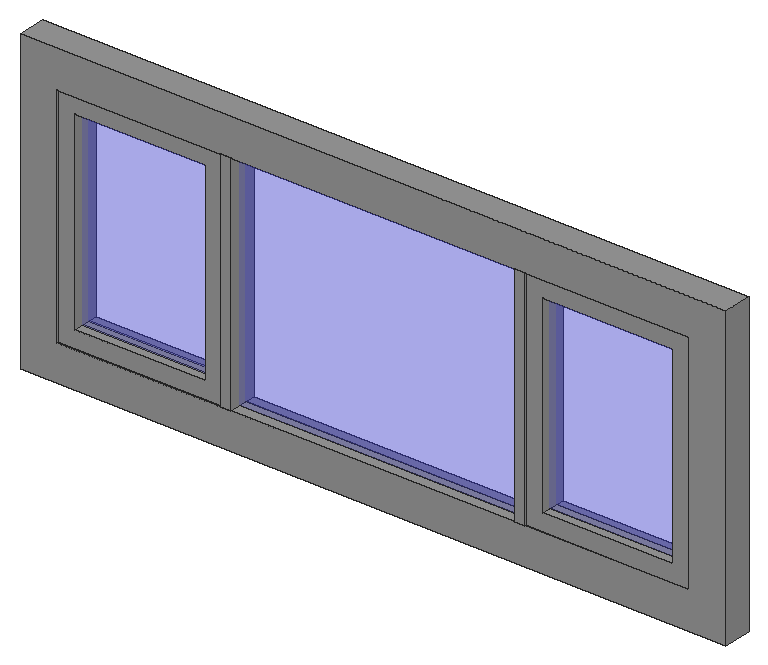
Revit family "Family50", category Windows, host Wall, Revit 2018
Family settings
  Host = Wall
  OmniClass Number = 23.30.20.00
  OmniClass Title = Windows
  Always vertical = Yes
  Cut with Voids When Loaded = No
  Shared = No
  Room Calculation Point = No
Parameters
  Window Thickness = 84 mm
  Window Frame = White
  Visual Light Transmittance = 0.81
  URL = "www.skywardwindows.co.za"
  Thermal Resistance (R) = 0.3196 (m²·K)/W
  Telephone = "021 276 1800"
  Solar Heat Gain Coefficient = 0.76
  Manufacturer = "Skyward Windows"
  Height = 890 mm
  Heat Transfer Coefficient (U) = 3.1292 W/(m²·K)
  Glass Thickness = 4 mm
  Glass = Glass
  Email Address = "info@skywardwindows.co.za"
  Default Sill Height = 800 mm
  Wall Closure = By host
  Width = 2090 mm
  Company Address = "Charles Matthews Street Atlantis 7349"
  Analytic Construction = "Double glazing - domestic"
Reference planes
  plane 1 "Center (Front/Back)": y = 0
  plane 2 "Center (Left/Right)": x = 0
  plane 3 "Left": x = -1045
  plane 4 "Right": x = 1045
  plane 5 "Sill": z = 800
  plane 6 "Head": z = 1690
  plane 7 "Exterior": y = 100
  plane 8 "Interior": y = -100
Forms (mm)
  Extrusion 1, solid, material "White" <- "Window Frame"
    sketch origin (0, -100, 0) x (1, 0, 0) y (0, 0, 1)
      loop
        line (-1045, 1690) -> (-1045, 800) -> (1045, 800) -> (1045, 1690) -> (-1045, 1690)
      loop
        line (-936, 909) -> (936, 909) -> (936, 1581) -> (-936, 1581) -> (-936, 909)
    from -142 to -58
  Extrusion 2, solid, material "White" <- "Window Frame"
    sketch origin (0, -100, 0) x (1, 0, 0) y (0, 0, 1)
      loop
        line (-936, 1581) -> (-936, 909) -> (-450, 909) -> (-450, 1581) -> (-936, 1581)
      loop
        line (936, 1581) -> (450, 1581) -> (450, 909) -> (936, 909) -> (936, 1581)
      loop
        line (-886, 959) -> (-500, 959) -> (-500, 1531) -> (-886, 1531) -> (-886, 959)
      loop
        line (500, 1531) -> (500, 959) -> (886, 959) -> (886, 1531) -> (500, 1531)
    from -138 to -62
  Extrusion 3, solid, material "White" <- "Window Frame"
    sketch origin (0, -100, 0) x (1, 0, 0) y (0, 0, 1)
      loop
        line (-450, 1581) -> (-450, 909) -> (-420, 909) -> (-420, 1581) -> (-450, 1581)
      loop
        line (450, 1581) -> (420, 1581) -> (420, 909) -> (450, 909) -> (450, 1581)
    from -142 to -58
  Extrusion 4, solid, material "Glass" <- "Glass"
    sketch origin (0, 0, 0) x (1, 0, 0) y (0, 1, 0)
      loop
        line (-886, 14) -> (-886, 10) -> (-500, 10) -> (-500, 14) -> (-886, 14)
      loop
        line (-886, -10) -> (-886, -14) -> (-500, -14) -> (-500, -10) -> (-886, -10)
      loop
        line (500, 14) -> (500, 10) -> (886, 10) -> (886, 14) -> (500, 14)
      loop
        line (886, -10) -> (500, -10) -> (500, -14) -> (886, -14) -> (886, -10)
    from 959 to 1531
  Extrusion 5, solid, material "Glass" <- "Glass"
    sketch origin (0, 0, 0) x (1, 0, 0) y (0, 1, 0)
      loop
        line (-420, 14) -> (-420, 10) -> (420, 10) -> (420, 14) -> (-420, 14)
      loop
        line (420, -10) -> (-420, -10) -> (-420, -14) -> (420, -14) -> (420, -10)
    from 909 to 1581
Lines and regions (mm)
  Opening 1
    outline origin (3500, -100, 0) x (1, 0, 0) y (0, 0, 1)
      loop
        line (-2455, 800) -> (-2455, 1690) -> (-4545, 1690) -> (-4545, 800) -> (-2455, 800)
Text (mm)
  text "EXTERIOR" at (-1963.203, 1332.353, 0), in view "Ref. Level"
  text "INTERIOR" at (-1981.466, -818.386, 0), in view "Ref. Level"
  text "Exterior" at (0, 923.751, 2943.296), in view "Right"
  text "Exterior" at (0, 1040.484, 2685.409), in view "Left"
Dimensions and locks
  equal spacing: plane 3 "Left", plane 2 "Center (Left/Right)", plane 4 "Right"
  "Width": plane 3 "Left" to plane 4 "Right"
  "Height": plane 5 "Sill" to plane 6 "Head"
  "Default Sill Height": plane 5 "Sill" to level
  locked: plane 7 "Exterior" to host wall at 0
  locked: plane 8 "Interior" to host wall
  "Window Thickness": Extrusion 1 to Extrusion 1
  "Glass Thickness": Extrusion 5 to Extrusion 5
  "Glass Thickness": Extrusion 4 to Extrusion 4
  aligned and locked: Extrusion 1 sketch curve to host wall  (x4)
  aligned and locked: Extrusion 5 to Extrusion 1
Automatic sketch dimensions
  Opening 1 sketch curve to plane 3 "Left" = 0 mm
  Opening 1 sketch curve to plane 4 "Right" = 0 mm
  Opening 1 sketch curve to plane 5 "Sill" = 0 mm
  Opening 1 sketch curve to plane 6 "Head" = 0 mm
  Extrusion 1 sketch curve to plane 3 "Left" = 109 mm
  plane 4 "Right" to Extrusion 1 sketch curve = 109 mm
  Extrusion 1 sketch curve to plane 5 "Sill" = 109 mm
  plane 6 "Head" to Extrusion 1 sketch curve = 109 mm
  Extrusion 2 sketch curve to plane 3 "Left" = 109 mm
  Extrusion 2 sketch curve to Extrusion 2 sketch curve = 50 mm  (x8)
  plane 6 "Head" to Extrusion 2 sketch curve = 159 mm
  plane 2 "Center (Left/Right)" to Extrusion 2 sketch curve = 500 mm
  plane 6 "Head" to Extrusion 2 sketch curve = 109 mm
  Extrusion 2 sketch curve to plane 2 "Center (Left/Right)" = 450 mm
  plane 4 "Right" to Extrusion 2 sketch curve = 159 mm
  Extrusion 2 sketch curve to plane 5 "Sill" = 159 mm  (x2)
  Extrusion 3 sketch curve to plane 5 "Sill" = 109 mm  (x2)
  plane 2 "Center (Left/Right)" to Extrusion 3 sketch curve = 450 mm
  Extrusion 3 sketch curve to Extrusion 3 sketch curve = 30 mm  (x2)
  Extrusion 3 sketch curve to plane 2 "Center (Left/Right)" = 420 mm
  plane 6 "Head" to Extrusion 3 sketch curve = 109 mm  (x2)
  Extrusion 4 sketch curve to host wall = 14 mm  (x2)
  Extrusion 4 sketch curve to plane 3 "Left" = 159 mm
  Extrusion 4 sketch curve to Extrusion 4 sketch curve = 0 mm  (x4)
  host wall to Extrusion 4 sketch curve = 10 mm  (x2)
  plane 2 "Center (Left/Right)" to Extrusion 4 sketch curve = 500 mm
  Extrusion 4 sketch curve to plane 2 "Center (Left/Right)" = 500 mm
  plane 4 "Right" to Extrusion 4 sketch curve = 159 mm
  Extrusion 4 sketch curve to Extrusion 4 sketch curve = 4 mm  (x4)
  Extrusion 5 sketch curve to host wall = 14 mm
  plane 2 "Center (Left/Right)" to Extrusion 5 sketch curve = 420 mm
  host wall to Extrusion 5 sketch curve = 10 mm
  Extrusion 5 sketch curve to Extrusion 5 sketch curve = 0 mm  (x2)
  Extrusion 5 sketch curve to plane 2 "Center (Left/Right)" = 420 mm
  Extrusion 5 sketch curve to Extrusion 5 sketch curve = 4 mm  (x2)
